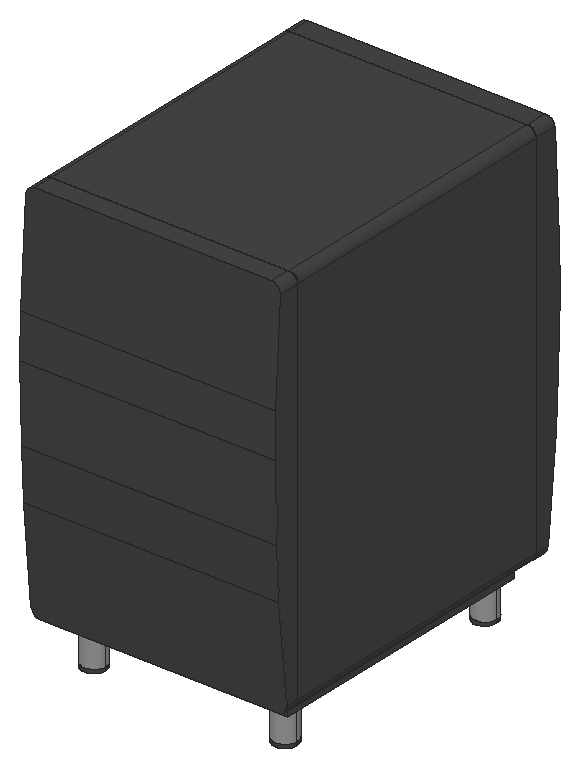
Revit family "Franke_Kühleinheit_SU12_EC-A600_MS_EC_A600_FM_EC_A800_FM_EC", category Sonderausstattung, Revit 2015
Parameters (values of type "Kühleinheit SU12 EC-A600 MS EC,A600 FM EC,A800 FM EC(230V/black line/EU)")
  URL = "http://www.franke.com/main/de/cs/produkte/produktsuche/produktsuche.html#akCache=true&p=1&t=grid&f=cat14_3210"
  Tiefe = 475 mm
  Temperaturbreich = "+ 3° C bis +8° C"
  Spannung = 230 V
  Netzfrequenz alternativ = 60 Hz
  Sicherung = "10 A"
  Netzfrequenz = 50 Hz
  Modell = "410874 - Kühleinheit SU12 EC - A600 MS EC, A600 FM EC, A800 FM EC"
  Milchvorrat = "12 l"
  Stromaufnahme = "0.72 A"
  Kosten = 0
  Höhe = 586 mm
  Hersteller = "Franke"
  Energieverlust nach DIN18873 = "0.783 kWh/24 h - 230 V"
  Breite = 340 mm
  Beschreibung = "Beistellgerät Kühleinheit SU12 dient zum Aufbewahren von vorgekühlter Milch"
  Assembly Code = "Beistellgerät Kühleinheit SU12"
  Keynote = "Beistellgerät Kühleinheit SU12"
  Aufstellgewicht = "26 kg"
  Anzahl von Polen = 1
  Anzahl der Schutzleiter = "1"
  Anzahl der Nullleiter = "1"
  Abdeckung = Franke Black
Types (3, lengths in mm): name | Abdeckung
  (no name) | Franke Black
  Kühleinheit SU12 EC-A600 MS EC,A600 FM EC,A800 FM EC(230V/black line/EU) | Franke Black
  Kühleinheit SU12 EC-A600 MS EC,A600 FM EC,A800 FM EC(230V/anthrazit/EU) | Franke Anthrazit
Reference planes
  plane 1 "Mitte (Vorne/Hinten)": y = 0
  plane 2: z = 0
  plane 3 "Mitte (Links/Rechts)": x = 0
Forms (mm)
  Extrusion 1, solid, material "Franke Black"
    sketch origin (0, 0, 0) x (1, 0, 0) y (0, 0, 1)
      loop
        arc (-170, 78) -> (-166.485, 69.515) -> (-158, 66) r 12
        line (-158, 66) -> (158, 66)
        arc (158, 66) -> (166.485, 69.515) -> (170, 78) r 12
        line (170, 78) -> (170, 574)
        arc (170, 574) -> (166.485, 582.485) -> (158, 586) r 12
        line (158, 586) -> (-158, 586)
        arc (-158, 586) -> (-166.485, 582.485) -> (-170, 574) r 12
        line (-170, 574) -> (-170, 78)
    from -198.03 to 198.03
  Extrusion 2, solid, material "Franke Black"
    sketch origin (0, 0, 0) x (0, 1, 0) y (0, 0, 1)
      loop
        line (186.97, 66) -> (-188.03, 66) -> (-188.03, 46) -> (186.97, 46) -> (186.97, 66)
    from -149 to 149
  Extrusion 3, solid, material "Franke Black"
    sketch origin (0, 0, 0) x (1, 0, 0) y (0, 1, 0)
      loop
        line (-139, 119.911) -> (-139, 96.511) -> (-120.3, 96.511) -> (-120.3, 119.911) -> (-139, 119.911)
      loop
        line (120.3, 119.911) -> (120.3, 96.511) -> (139, 96.511) -> (139, 119.911) -> (120.3, 119.911)
      loop
        line (120.3, -95.689) -> (120.3, -119.089) -> (139, -119.089) -> (139, -95.689) -> (120.3, -95.689)
      loop
        line (-139, -95.689) -> (-139, -119.089) -> (-120.3, -119.089) -> (-120.3, -95.689) -> (-139, -95.689)
    from 42 to 46
  Extrusion 4, solid, material "Franke Stahl, verchromt"
    sketch origin (0, 0, 0) x (1, 0, 0) y (0, 1, 0)
      loop
        circle (-127.5, 166.47) r 16
      loop
        circle (-127.5, -166.13) r 16
      loop
        circle (127.5, 166.47) r 16
      loop
        circle (127.5, -166.13) r 16
    from 5 to 46
  Extrusion 5, solid, material "Franke Black"
    sketch origin (0, 0, -41) x (1, 0, 0) y (0, 1, 0)
      loop
        circle (-127.5, 166.47) r 16
      loop
        circle (-127.5, -166.13) r 16
      loop
        circle (127.5, 166.47) r 16
      loop
        circle (127.5, -166.13) r 16
    from 41 to 46
  Extrusion 6, solid, material "Franke Black" <- "Abdeckung"
    sketch origin (0, 0, 0) x (0, 1, 0) y (0, 0, 1)
      loop
        line (-199.53, 586) -> (-226.03, 586)
        arc (-226.03, 586) -> (-230.938, 512.688) -> (-234.804, 439.314) r 5166.525
        arc (-234.804, 439.314) -> (-235.718, 409.388) -> (-235.736, 379.448) r 1000
        arc (-235.736, 379.448) -> (-234.928, 328.403) -> (-233.97, 277.36) r 17389.365
        arc (-233.97, 277.36) -> (-232.66, 242.583) -> (-230.141, 207.872) r 1000
        arc (-230.141, 207.872) -> (-223.415, 136.903) -> (-216.03, 66) r 7668.804
        line (-216.03, 66) -> (-199.53, 66) -> (-199.53, 586)
    from -170 to 170
  Extrusion 7, solid, material "Franke Black"
    sketch origin (0, 0, 0) x (0, 1, 0) y (0, 0, 1)
      loop
        line (228.03, 586) -> (199.53, 586) -> (199.53, 66) -> (216.03, 66)
        arc (216.03, 66) -> (223.625, 137.651) -> (230.787, 209.347) r 11934.303
        arc (230.787, 209.347) -> (233.53, 243.904) -> (235.074, 278.535) r 1000
        arc (235.074, 278.535) -> (236.278, 326.896) -> (237.256, 375.262) r 10374.963
        arc (237.256, 375.262) -> (237.334, 405.934) -> (236.472, 436.595) r 1000
        arc (236.472, 436.595) -> (232.736, 511.325) -> (228.03, 586) r 5764.394
    from -170 to 170
  Extrusion 8, solid, material "Franke Black"
    sketch origin (0, 0, 0) x (1, 0, 0) y (0, 0, 1)
      loop
        line (-120, 576) -> (-120, 66) -> (120, 66) -> (120, 576) -> (-120, 576)
    from 198.03 to 199.53
  Extrusion 9, solid, material "Franke Black"
    sketch origin (0, 397.56, 0) x (1, 0, 0) y (0, 0, 1)
      loop
        line (-120, 576) -> (-120, 66) -> (120, 66) -> (120, 576) -> (-120, 576)
    from 198.03 to 199.53
  Extrusion 10, void
    sketch origin (0, 0, 0) x (1, 0, 0) y (0, 0, 1)
      loop
        line (-158, 586) -> (-158, 596) -> (-180, 596) -> (-180, 574) -> (-170, 574)
        arc (-170, 574) -> (-166.485, 582.485) -> (-158, 586) r 12
      loop
        arc (158, 586) -> (166.485, 582.485) -> (170, 574) r 12
        line (170, 574) -> (180, 574) -> (180, 596) -> (158, 596) -> (158, 586)
      loop
        arc (-158, 66) -> (-166.485, 69.515) -> (-170, 78) r 12
        line (-170, 78) -> (-180, 78) -> (-180, 56) -> (-158, 56) -> (-158, 66)
      loop
        line (158, 66) -> (158, 56) -> (180, 56) -> (180, 78) -> (170, 78)
        arc (170, 78) -> (166.485, 69.515) -> (158, 66) r 12
    from -296.752 to 350.669
  Extrusion 11, void
    sketch origin (0, 0, 0) x (1, 0, 0) y (0, 1, 0)
      loop
        circle (-2, 69.416) r 50
    from 0 to 56
  Extrusion 12, solid, material "Franke Stahl, verchromt"
    sketch origin (0, 0, 0) x (1, 0, 0) y (0, 1, 0)
      loop
        circle (0, 95.015) r 2.5
    from 46 to 56
Cuts and joins
  Extrusion 11 cuts Extrusion 2
  Extrusion 10 cuts Extrusion 6
  Extrusion 10 cuts Extrusion 7
Dimensions and locks
  aligned and locked: level to plane 2
Connectors
  electrical at (0, 95.015, 46), driven by "Spannung", driven by "Anzahl von Polen"
    settings: on Extrusion 12, index 1, voltage 230 V, apparent load 0 VA, apparent load phase1 0 VA, apparent load phase2 0 VA, apparent load phase3 0 VA, power factor 1, load classification "Strom", number of poles 1, system type 31, power factor state 1, is connector primary yes, connector utility no, sub classification motor no, connector description ""
